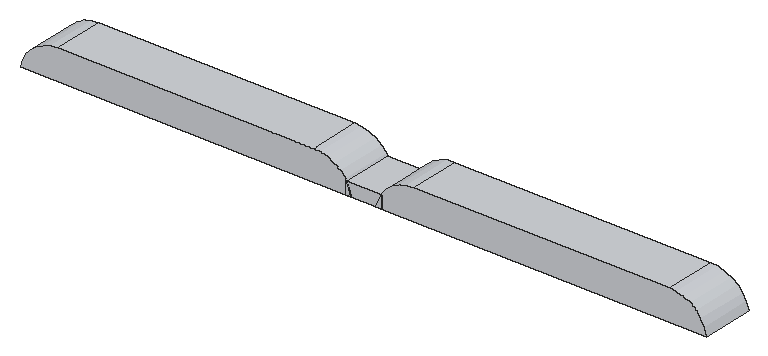
Revit family "46601", category Generic Models, host Face, Revit 2018
Family settings
  Host = Face
  Can host rebar = No
  Round Connector Dimension = Use Diameter
  Part Type = Normal
  OmniClass Number = 23.80.70.00
  OmniClass Title = Lighting
  Cut with Voids When Loaded = No
  Shared = No
  Room Calculation Point = No
Parameters (values of type "0046603 EMERGENCY PACK SELF TEST/DALI 50V-200V")
  Width = 41 mm
  URL = "0"
  Type Image = <None>
  Type Comments = "n/a"
  Material_3_SYL = none
  Model = "EMERGENCY PACK SELF TEST/DALI MONITORING 50V-200V"
  Manufacturer = ""
  Length = 546 mm
  Keynote = "n/a"
  Material_2_SYL = none
  Height = 24 mm
  Description = "The emergency kit enables conversion of general lighting for emergency operation. It is used for driving luminaires with forward voltages (Vf) of 50V to 200V, and built-in adaptability that allows for optimum output current based on the forward voltage of the specific light engine for a more precise match to the controlled LED scheme. Features: Suitable for independent mounting, Auto load detecting,  Compatible with leading brands of mains drivers,  SmartCharge technology for NiMH batteries, Test-switch function, Battery deep-discharge protection, Compatible with NiMH batteries, 3-hour rated emergency duration,  Supply current (max) 25mA. Ambient temperature (ta): 0°C to +35°C. Max case temperature (tc) +70°C. Conductor size : 0.2 to 1.5mm2. DALI functionality. NiNH battery. Product contains a charging regime that prolongs battery life and reduces parasitic power consumption during the product life cycle. By controlling battery temperature this results in energy saving and reduction in maintenance costs throughout the premises."
  Default Elevation = 24 mm
  Cost = 0
  Material_1_SYL = none
  Assembly Code = "D5020200"
  Material_4_SYL = none
Reference planes
  plane 1 "Center (Front/Back)": y = 0
  plane 2: z = 0
  plane 3 "Center (Left/Right)": x = 0
  plane 4: y = 20.5
  plane 5: y = -20.5
  plane 6: x = -273
  plane 7: x = 273
  plane 8: x = 10
  plane 9: x = -10
  plane 10: z = 24
  plane 11: x = 243
  plane 12: x = 40
  plane 13: x = -40
  plane 14: x = -243
Forms (mm)
  Extrusion 1, solid, detail levels fine
    sketch origin (0, 0, 0) x (1, 0, 0) y (0, 1, 0)
      loop
        line (-14.092, 20.5) -> (-14.092, -20.5) -> (14.062, -20.5) -> (14.062, 20.5) -> (-14.092, 20.5)
    from 0 to 10
  Extrusion 2, solid, detail levels medium+fine
    sketch origin (1524, 20.5, 1219.2) x (1, 0, 0) y (0, 0, 1)
      loop
        arc (-1251, -1219.2) -> (-1261.654, -1201.768) -> (-1281, -1195.2) r 30
        line (-1281, -1195.2) -> (-1484, -1195.2)
        arc (-1484, -1195.2) -> (-1503.346, -1201.768) -> (-1514, -1219.2) r 30
        line (-1514, -1219.2) -> (-1251, -1219.2)
    from 0 to 41
  Extrusion 3, solid, detail levels medium+fine
    sketch origin (1241, 20.5, 1219.2) x (1, 0, 0) y (0, 0, 1)
      loop
        arc (-1251, -1219.2) -> (-1261.654, -1201.768) -> (-1281, -1195.2) r 30
        line (-1281, -1195.2) -> (-1484, -1195.2)
        arc (-1484, -1195.2) -> (-1503.346, -1201.768) -> (-1514, -1219.2) r 30
        line (-1514, -1219.2) -> (-1251, -1219.2)
    from 0 to 41
  Extrusion 4, solid, detail levels coarse
    sketch origin (0, 0, 0) x (1, 0, 0) y (0, 1, 0)
      loop
        line (-273, 20.5) -> (-273, -20.5) -> (273, -20.5) -> (273, 20.5) -> (-273, 20.5)
    from 0 to 24
Dimensions and locks
  "Width": plane 4 to plane 5
  equal spacing: plane 4, plane 1 "Center (Front/Back)", plane 5, locked at 20.5 each
  "Length": plane 6 to plane 7
  equal spacing: plane 6, plane 3 "Center (Left/Right)", plane 7, locked at 273 each
  "Height": host face to plane 10
  aligned and locked: plane 2 to host face
  aligned and locked: level to host face
Automatic sketch dimensions
  host sketch curve to host sketch curve = 2438.4 mm  (x2)
  Extrusion 1 sketch curve to plane 5 = 0 mm
  Extrusion 1 sketch curve to plane 9 = 4.092 mm
  plane 8 to Extrusion 1 sketch curve = 4.062 mm
  Extrusion 1 sketch curve to plane 4 = 0 mm
  Extrusion 2 sketch curve to level = 0 mm
  Extrusion 2 sketch curve to plane 8 = 0 mm
  Extrusion 2 sketch curve to plane 10 = 0 mm
  plane 12 to Extrusion 2 sketch curve = 0 mm
  plane 11 to Extrusion 2 sketch curve = 0 mm
  Extrusion 2 sketch curve to plane 7 = 0 mm
  plane 12 to Extrusion 2 sketch curve = 0.605 mm
  Extrusion 2 sketch curve to plane 11 = 0.605 mm
  Extrusion 3 sketch curve to level = 0 mm
  plane 6 to Extrusion 3 sketch curve = 30 mm
  Extrusion 3 sketch curve to plane 10 = 0 mm
  Extrusion 3 sketch curve to plane 13 = 30 mm
  plane 6 to Extrusion 3 sketch curve = 29.395 mm
  Extrusion 3 sketch curve to Extrusion 3 sketch curve = 29.395 mm
  plane 13 to Extrusion 3 sketch curve = 0 mm
  Extrusion 3 sketch curve to level = 5.994 mm
  Extrusion 4 sketch curve to plane 5 = 0 mm
  Extrusion 4 sketch curve to plane 6 = 0 mm
  Extrusion 4 sketch curve to plane 7 = 0 mm
  Extrusion 4 sketch curve to plane 4 = 0 mm
